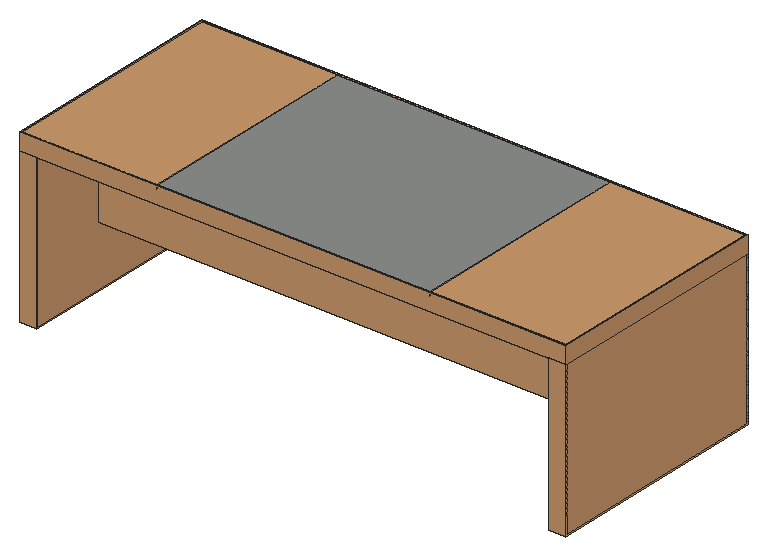
Revit family
Parameters
  Model = ""
  Cost = 1
Reference planes
  plane 1 "Center (Front/Back)": y = 0
  plane 2: z = 0
  plane 3 "Center (Left/Right)": x = 0
Forms (mm)
  Extrusion 1, solid, material "Veneer Top"
    sketch origin (296.309, -12.338, 0) x (-1, 0, 0) y (0, -1, 0)
      loop
        line (-903.691, 487.662) -> (-903.691, -512.338) -> (1496.309, -512.338) -> (1496.309, 487.662) -> (-903.691, 487.662)
    from 675 to 750
  Extrusion 2, void
    sketch origin (0, -37.662, 0) x (1, 0, 0) y (0, 1, 0)
      loop
        line (-1195, 532.662) -> (-1195, -457.338) -> (1195, -457.338) -> (1195, 532.662) -> (-1195, 532.662)
    from 675 to 750
  Extrusion 3, solid, material "Veneer Top"
    sketch origin (0, -37.662, 0) x (1, 0, 0) y (0, 1, 0)
      loop
        line (-1195, 532.662) -> (-1195, -457.338) -> (1195, -457.338) -> (1195, 532.662) -> (-1195, 532.662)
    from 675 to 750
  Extrusion 4, solid, material "Veneer Leg"
    sketch origin (0, 0, 0) x (0, 1, 0) y (0, 0, 1)
      loop
        line (-500, 675) -> (-500, 0) -> (500, 0) -> (500, 675) -> (-500, 675)
    from 1125 to 1200
  Extrusion 5, void
    sketch origin (0, 0, 0) x (0, 1, 0) y (0, 0, 1)
      loop
        line (495, 675) -> (-495, 675) -> (-495, 5) -> (495, 5) -> (495, 675)
    from 1125 to 1200
  Extrusion 6, solid, material "Veneer Leg"
    sketch origin (0, 0, 0) x (0, 1, 0) y (0, 0, 1)
      loop
        line (495, 675) -> (-495, 675) -> (-495, 5) -> (495, 5) -> (495, 675)
    from 1125 to 1200
  Extrusion 7, solid, material "Veneer Leg"
    sketch origin (0, 0, 0) x (0, 1, 0) y (0, 0, 1)
      loop
        line (500, 675) -> (-500, 675) -> (-500, 0) -> (500, 0) -> (500, 675)
    from -1125 to -1200
  Extrusion 8, void
    sketch origin (0, 0, 0) x (0, 1, 0) y (0, 0, 1)
      loop
        line (495, 675) -> (-495, 675) -> (-495, 5) -> (495, 5) -> (495, 675)
    from -1125 to -1200
  Extrusion 9, solid, material "Veneer Leg"
    sketch origin (0, 0, 0) x (0, 1, 0) y (0, 0, 1)
      loop
        line (495, 675) -> (-495, 675) -> (-495, 5) -> (495, 5) -> (495, 675)
    from -1125 to -1200
  Extrusion 10, void
    sketch origin (0, 0, 0) x (1, 0, 0) y (0, 1, 0)
      loop
        line (-600, 495) -> (-600, -495) -> (600, -495) -> (600, 495) -> (-600, 495)
    from 733 to 750
  Extrusion 11, solid, material "Writing Pad"
    sketch origin (0, 0, 0) x (1, 0, 0) y (0, 1, 0)
      loop
        line (-600, 495) -> (-600, -495) -> (600, -495) -> (600, 495) -> (-600, 495)
    from 733 to 750
  Extrusion 12, solid, material "Veneer Modesty Panel"
    sketch origin (0, 0, 0) x (1, 0, 0) y (0, 0, 1)
      loop
        line (-1125, 675) -> (-1125, 275) -> (1125, 275) -> (1125, 675) -> (-1125, 675)
    from 150 to 167
Cuts and joins
  Extrusion 2, Extrusion 10 cuts Extrusion 1
  Extrusion 5 cuts Extrusion 4
  Extrusion 8 cuts Extrusion 7
  Extrusion 10 cuts Extrusion 3
Lines and regions (mm)
  symbolic lines
    curve 1: line (-200, -150, 0) -> (-965, -150, 0)
    curve 2: line (-1125, 0, 675) -> (1125, 0, 675)
    curve 3: line (-1125, 0, 275) -> (-1125, 0, 675)
    curve 4: line (1125, 0, 275) -> (-1125, 0, 275)
    curve 5: line (1125, 0, 675) -> (1125, 0, 275)
Dimensions and locks
  cut or joined group of Extrusion 1, Extrusion 2, Extrusion 10 to plane 1 "Center (Front/Back)" = 500.00 mm  (x2)
  aligned: cut or joined group of Extrusion 3, Extrusion 10 to Extrusion 11 sketch curve
  aligned: Extrusion 11 sketch curve to cut or joined group of Extrusion 1, Extrusion 2, Extrusion 10  (x2)
  aligned: Extrusion 11 sketch curve to cut or joined group of Extrusion 3, Extrusion 10
